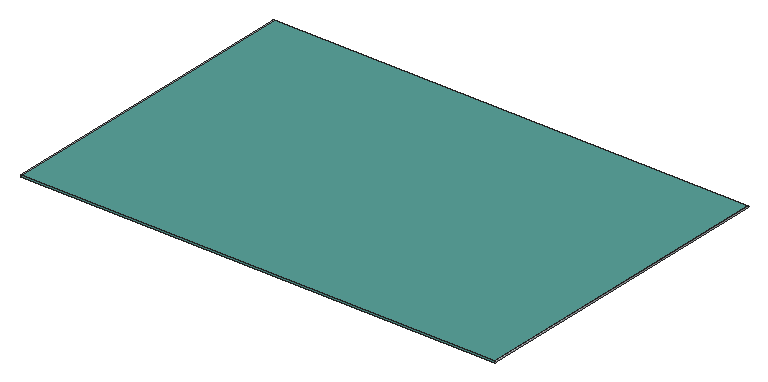
Revit family "Haworth_Diagonales_Rugs", category Furniture, Revit 2018
Family settings
  OmniClass Number = 23.35.50.27.11.11
  OmniClass Title = Access Floors, Frames
  Work Plane-Based = No
  Always vertical = Yes
  Cut with Voids When Loaded = No
  Shared = No
  Room Calculation Point = No
Parameters (values of type "HCGN-DGAR")
  Warranty = "http://www.haworth.com/resources/product-info/warranties"
  URL - Product = "https://www.haworth.com/products/accessories/rugs/diagonales"
  URL = "http://www.haworth.com/our-brands/haworth-collection"
  Rug Finish [instance] = Haworth _ Wool _ Diagonales _ Almond With Turquoise ZJ-A05
  Revision Number = "1"  # constant formula
  Note = "Verify Final Dimensions w/ Haworth"  # constant formula
  Model = "HCGN-DGAR"  # constant formula
  Manufacturer = "Haworth"  # constant formula
  Thickness = 0.39844"  # constant formula
  Description = "Haworth - Diagonales Area Rug"  # constant formula
  Author = "Haworth (Alias)"  # constant formula
  Assembly Code = "E2020300"
  Actual Width = 78.75"  # constant formula
  Actual Length = 118.00"  # constant formula
Reference planes (in)
  plane 1: z = 0
  plane 2 "Left": x = -23.52344
  plane 3 "Right": x = 94.47656
  plane 4 "Back": y = 39.34766
  plane 5 "Front": y = -39.40234
  plane 6 "Center FB": y = -0.02734
  plane 7 "Center LR": x = 35.47656
  plane 8: z = 0.39844
Forms (in)
  Extrusion 1, solid, material "Haworth _ Wool _ Diagonales _ Almond With Turquoise ZJ-A05" <- "Rug Finish"
    sketch origin (0, 0, 0) x (1, 0, 0) y (0, 1, 0)
      loop
        line (-23.52344, 39.34766) -> (-23.52344, -39.40234) -> (94.47656, -39.40234) -> (94.47656, 39.34766) -> (-23.52344, 39.34766)
    from 0 to 0.39844
  Sweep 2, solid
    path in 3D
      loop
        line (94.47656, -39.40234, 0.39844) -> (94.47656, 39.34766, 0.39844)
    profile origin (94.47656, -0.02734, 0.39844) x (-1, 0, 0) y (0, 0, 1)
      loop
        arc (0, 0) -> (-0.19922, -0.19922) -> (0, -0.39844) r 0.19922
        line (0, -0.39844) -> (0, 0)
  Sweep 3, solid
    path in 3D
      loop
        line (-23.52344, 39.34766, 0.39844) -> (-23.52344, -39.40234, 0.39844)
    profile origin (-23.52344, -0.02734, 0.39844) x (1, 0, 0) y (0, 0, 1)
      loop
        arc (0, 0) -> (-0.19922, -0.19922) -> (0, -0.39844) r 0.19922
        line (0, -0.39844) -> (0, 0)
Lines and regions (in)
  Masking region 1
    outline origin (0, 0, 0) x (1, 0, 0) y (0, 1, 0)
      loop
        line (-23.52344, 39.34766) -> (-23.52344, -39.40234) -> (94.47656, -39.40234) -> (94.47656, 39.34766) -> (-23.52344, 39.34766)
  sketch lines
    curve 1: line (94.47656, -39.40234, 0.39844) -> (94.47656, 39.34766, 0.39844)
    curve 2: line (-23.52344, 39.34766, 0.39844) -> (-23.52344, -39.40234, 0.39844)
Dimensions and locks (in)
  equal spacing: plane 4 "Back", plane 6 "Center FB", plane 5 "Front"
  "Actual Width": plane 4 "Back" to plane 5 "Front"
  equal spacing: plane 2 "Left", plane 7 "Center LR", plane 3 "Right"
  "Actual Length": plane 2 "Left" to plane 3 "Right"
  "Thickness": plane 8 to plane 1
  aligned and locked: Extrusion 1 to plane 1
  aligned and locked: plane 2 "Left" to Extrusion 1 sketch curve
  aligned and locked: Extrusion 1 sketch curve to plane 5 "Front"
  aligned and locked: Extrusion 1 sketch curve to plane 4 "Back"
  aligned and locked: plane 3 "Right" to Extrusion 1 sketch curve
  aligned and locked: Extrusion 1 to plane 8
  aligned and locked: plane 2 "Left" to Masking region 1 sketch curve
  aligned and locked: Masking region 1 sketch curve to plane 5 "Front"
  aligned and locked: plane 3 "Right" to Masking region 1 sketch curve
  aligned and locked: Masking region 1 sketch curve to plane 4 "Back"
  aligned and locked: Sweep 2 sketch curve to profile plane
  aligned and locked: Sweep 3 sketch curve to profile plane
Automatic sketch dimensions
  Sweep 2 sketch curve to profile plane = 0.00"
  Sweep 2 sketch curve to profile plane = 0.19922"
  Sweep 3 sketch curve to profile plane = 0.00"
  Sweep 3 sketch curve to profile plane = 0.19922"
